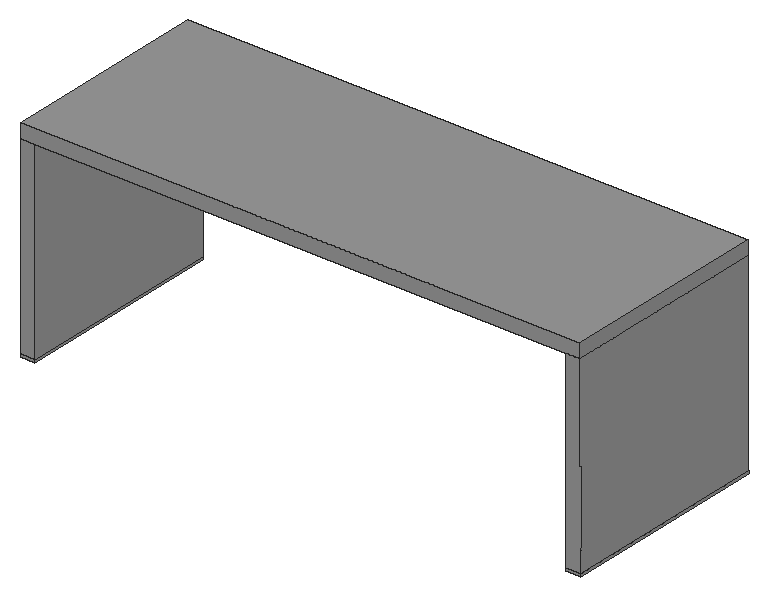
Revit family "Cocoon Community Table 36x96x36", category Generic Models, Revit 2018
Family settings
  Can host rebar = No
  Round Connector Dimension = Use Diameter
  Part Type = Normal
  Work Plane-Based = No
  Always vertical = Yes
  Cut with Voids When Loaded = No
  Shared = No
  Room Calculation Point = No
Parameters
  Frame = Cocoon Community Table 36x96x36 Frame
  Surface = Cocoon Community Table 36x96x36 Surface
Reference planes (in)
  plane 1 "Center (Front/Back)": y = 0
  plane 2: z = 0
  plane 3 "Center (Left/Right)": x = 0
Forms (in)
  Extrusion 1, solid, material "Cocoon Community Table 36x96x36 Frame" <- "Frame"
    sketch origin (0, 0, 0) x (1, 0, 0) y (0, 0, 1)
      loop
        line (-48, 0.5) -> (-48, 0) -> (-45.5, 0) -> (-45.5, 0.5) -> (-48, 0.5)
      loop
        line (48, 0.5) -> (45.5, 0.5) -> (45.5, 0) -> (48, 0) -> (48, 0.5)
    from -18 to 18
  Extrusion 2, solid, material "Cocoon Community Table 36x96x36 Surface" <- "Surface"
    sketch origin (0, 0, 7) x (1, 0, 0) y (0, 0, 1)
      loop
        line (-48, 29) -> (-48, 26.5) -> (48, 26.5) -> (48, 29) -> (-48, 29)
    from -18 to 18
  Extrusion 3, solid, material "Cocoon Community Table 36x96x36 Frame" <- "Frame"
    sketch origin (0, 0, 0) x (1, 0, 0) y (0, 0, 1)
      loop
        line (-48, 33.5) -> (-48, 0.5) -> (-45.5, 0.5) -> (-45.5, 33.5) -> (-48, 33.5)
      loop
        line (45.5, 33.5) -> (45.5, 0.5) -> (48, 0.5) -> (48, 33.5) -> (45.5, 33.5)
    from -18 to 18
  Extrusion 4, solid, material "Cocoon Community Table 36x96x36 Frame" <- "Frame"
    sketch origin (0, 0, -6) x (0, 1, 0) y (0, 0, 1)
      loop
        line (1.25, 39.5) -> (-1.25, 39.5) -> (-1.25, 27.5) -> (1.25, 27.5) -> (1.25, 39.5)
    from -45.5 to 45.5
Dimensions and locks (in)
  aligned and locked: level to plane 2
